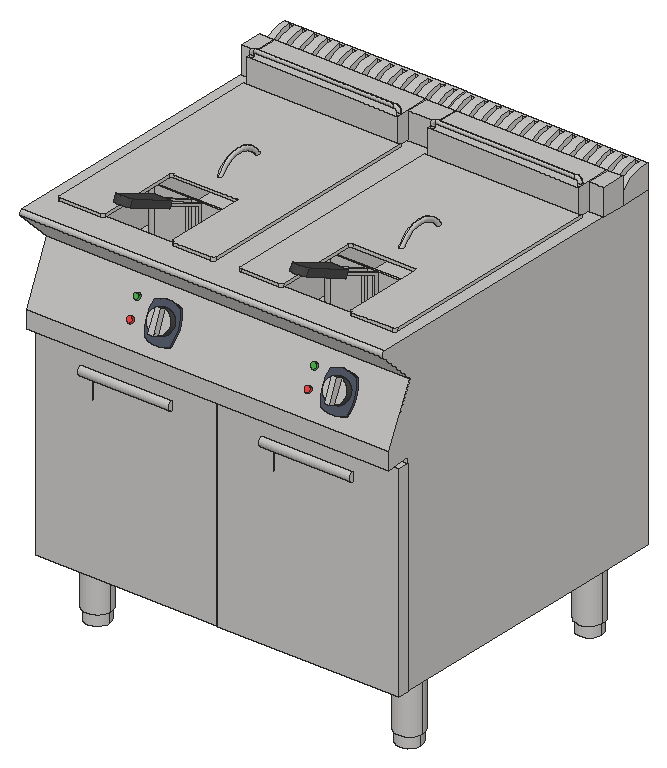
Revit family "QF_ELECTROLUXPROFESSIONAL_371085_E7FREH2FF0", category Specialty Equipment, Revit 2018 (continued)
Automatic sketch dimensions
  plane 3 "LEFT" to Revolve 54 sketch curve = 56 mm
  Revolve 54 sketch curve to Revolve 54 sketch curve = 0 mm
  plane 3 "LEFT" to Revolve 54 sketch curve = 29.75 mm
  plane 3 "LEFT" to Revolve 54 sketch curve = 26 mm
  Revolve 55 sketch curve to level = 0 mm
  Revolve 55 sketch curve to plane 14 = 0 mm  (x2)
  level to Revolve 55 sketch curve = 25 mm
  Revolve 55 sketch curve to Revolve 55 sketch curve = 20 mm
  plane 3 "LEFT" to Revolve 55 sketch curve = 56 mm
  Revolve 55 sketch curve to Revolve 55 sketch curve = 0 mm
  plane 3 "LEFT" to Revolve 55 sketch curve = 29.75 mm
  plane 3 "LEFT" to Revolve 55 sketch curve = 26 mm
  plane 3 "LEFT" to curve 170 = 13.453 mm
  curve 170 to curve 170 = 9.296 mm
  curve 170 to curve 172 = 18.547 mm
  curve 172 to curve 172 = 9.296 mm
  curve 172 to curve 173 = 18.547 mm
  curve 173 to curve 173 = 9.296 mm
  curve 173 to curve 174 = 18.547 mm
  curve 174 to curve 174 = 9.296 mm
  curve 174 to curve 175 = 18.547 mm
  curve 175 to curve 175 = 9.296 mm
  curve 175 to curve 176 = 18.547 mm
  curve 176 to curve 176 = 9.296 mm
  curve 176 to curve 177 = 18.547 mm
  curve 177 to curve 177 = 9.296 mm
  curve 177 to curve 178 = 18.547 mm
  curve 178 to curve 178 = 9.296 mm
  curve 178 to curve 179 = 18.547 mm
  curve 179 to curve 179 = 9.296 mm
  curve 179 to curve 180 = 18.547 mm
  curve 180 to curve 180 = 9.296 mm
  curve 180 to curve 181 = 18.547 mm
  curve 181 to curve 181 = 9.296 mm
  curve 181 to curve 182 = 18.547 mm
  curve 182 to curve 182 = 9.296 mm
  curve 182 to curve 183 = 18.547 mm
  curve 183 to curve 183 = 9.296 mm
  curve 183 to curve 171 = 18.547 mm
  curve 171 to curve 171 = 9.296 mm
  plane 7 "Center Y" to curve 185 = 15.351 mm
  curve 185 to curve 185 = 9.296 mm
  curve 185 to curve 197 = 18.547 mm
  curve 197 to curve 197 = 9.296 mm
  curve 197 to curve 196 = 18.547 mm
  curve 196 to curve 196 = 9.296 mm
  curve 196 to curve 195 = 18.547 mm
  curve 195 to curve 195 = 9.296 mm
  curve 195 to curve 194 = 18.547 mm
  curve 194 to curve 194 = 9.296 mm
  curve 194 to curve 193 = 18.547 mm
  curve 193 to curve 193 = 9.296 mm
  curve 193 to curve 192 = 18.547 mm
  curve 192 to curve 192 = 9.296 mm
  curve 192 to curve 191 = 18.547 mm
  curve 191 to curve 191 = 9.296 mm
  curve 191 to curve 190 = 18.547 mm
  curve 190 to curve 190 = 9.296 mm
  curve 190 to curve 189 = 18.547 mm
  curve 189 to curve 189 = 9.296 mm
  curve 189 to curve 188 = 18.547 mm
  curve 188 to curve 188 = 9.296 mm
  curve 188 to curve 187 = 18.547 mm
  curve 187 to curve 187 = 9.296 mm
  curve 187 to curve 186 = 18.547 mm
  curve 186 to curve 186 = 9.296 mm
  curve 186 to curve 184 = 18.547 mm
  curve 184 to curve 184 = 9.296 mm
  plane 1 "BACK" to curve 170 = 63.911 mm
  plane 1 "BACK" to curve 171 = 63.911 mm
  curve 170 to curve 172 = 0 mm
  curve 172 to curve 173 = 0 mm
  curve 173 to curve 174 = 0 mm
  curve 174 to curve 175 = 0 mm
  curve 175 to curve 176 = 0 mm
  curve 176 to curve 177 = 0 mm
  curve 177 to curve 178 = 0 mm
  curve 178 to curve 179 = 0 mm
  curve 179 to curve 180 = 0 mm
  curve 180 to curve 181 = 0 mm
  curve 181 to curve 182 = 0 mm
  curve 182 to curve 183 = 0 mm
  plane 1 "BACK" to curve 184 = 63.911 mm
  curve 171 to curve 185 = 0 mm
  curve 186 to curve 184 = 0 mm
  curve 187 to curve 186 = 0 mm
  curve 188 to curve 187 = 0 mm
  curve 189 to curve 188 = 0 mm
  curve 190 to curve 189 = 0 mm
  curve 191 to curve 190 = 0 mm
  curve 192 to curve 191 = 0 mm
  curve 193 to curve 192 = 0 mm
  curve 194 to curve 193 = 0 mm
  curve 195 to curve 194 = 0 mm
  curve 196 to curve 195 = 0 mm
  curve 197 to curve 196 = 0 mm
  Extrusion 2 sketch curve to plane 10 "TOP A" = 0 mm
  Extrusion 2 sketch curve to plane 1 "BACK" = 0 mm
  Extrusion 2 sketch curve to plane 6 "TOP" = 0 mm
  plane 1 "BACK" to Extrusion 2 sketch curve = 1.769 mm
  plane 10 "TOP A" to Extrusion 2 sketch curve = 25.4 mm
  plane 1 "BACK" to Extrusion 2 sketch curve = 69.85 mm
  plane 12 to Extrusion 3 sketch curve = 0.124 mm  (x2)
  Extrusion 3 sketch curve to plane 4 "RIGHT" = 33.338 mm
  plane 7 "Center Y" to Extrusion 3 sketch curve = 26.988 mm
  Extrusion 3 sketch curve to plane 7 "Center Y" = 26.988 mm
  plane 3 "LEFT" to Extrusion 3 sketch curve = 33.338 mm
  plane 11 to Extrusion 3 sketch curve = 57.877 mm
  Extrusion 3 sketch curve to Extrusion 3 sketch curve = 0 mm
  Extrusion 5 sketch curve to Extrusion 1 = 31.333 mm  (x4)
  Extrusion 5 sketch curve to Extrusion 5 sketch curve = 12.3 mm  (x6)
  Extrusion 5 sketch curve to Extrusion 5 sketch curve = 34.925 mm  (x4)
  Extrusion 1 to Extrusion 5 sketch curve = 44.467 mm  (x2)
  Extrusion 1 to Extrusion 5 sketch curve = 76.335 mm
  Extrusion 5 sketch curve to Extrusion 5 sketch curve = 25.727 mm  (x4)
  Extrusion 5 sketch curve to Extrusion 5 sketch curve = 28.575 mm  (x2)
  Extrusion 5 sketch curve to Extrusion 5 sketch curve = 280.219 mm
  Extrusion 6 sketch curve to Extrusion 6 sketch curve = 0 mm
  Extrusion 6 sketch curve to Extrusion 6 sketch curve = 388.937 mm
  Extrusion 7 sketch curve to Extrusion 7 sketch curve = 24.732 mm  (x2)
  Extrusion 7 sketch curve to Extrusion 7 sketch curve = 0 mm  (x2)
  Extrusion 1 to Extrusion 8 sketch curve = 39.678 mm  (x2)
  Extrusion 1 to Extrusion 8 sketch curve = 194.515 mm
  Extrusion 1 to Extrusion 8 sketch curve = 213.473 mm
  Extrusion 9 sketch curve to Extrusion 1 = 50.809 mm  (x2)
  Extrusion 1 to Extrusion 9 sketch curve = 194.515 mm
  Extrusion 1 to Extrusion 9 sketch curve = 213.473 mm
  plane 1 "BACK" to Extrusion 10 sketch curve = 0 mm
  Extrusion 10 sketch curve to plane 3 "LEFT" = 0 mm
  Extrusion 10 sketch curve to plane 4 "RIGHT" = 0 mm
  Extrusion 10 sketch curve to plane 3 "LEFT" = 150.019 mm
  plane 5 "FRONT" to Extrusion 10 sketch curve = 1.377 mm  (x2)
  plane 4 "RIGHT" to Extrusion 10 sketch curve = 150.019 mm
  Extrusion 10 sketch curve to plane 1 "BACK" = 150.019 mm
  curve 168 to plane 4 "RIGHT" = 0 mm
  curve 7 to plane 4 "RIGHT" = 0 mm
  plane 5 "FRONT" to curve 169 = 0 mm
  plane 1 "BACK" to curve 163 = 0 mm
  curve 6 to plane 3 "LEFT" = 0 mm
  curve 166 to plane 3 "LEFT" = 0 mm
  plane 4 "RIGHT" to curve 3 = 150.019 mm
  curve 122 to curve 121 = 9.296 mm
  curve 56 to plane 4 "RIGHT" = 26.987 mm
  curve 44 to curve 44 = 6.35 mm
  curve 43 to curve 78 = 10.61 mm
  plane 1 "BACK" to curve 129 = 6.761 mm
  curve 121 to curve 129 = 18.547 mm
  curve 128 to curve 127 = 9.296 mm
  curve 127 to curve 131 = 18.547 mm
  curve 169 to plane 4 "RIGHT" = 74.24 mm
  curve 131 to curve 132 = 9.296 mm
  curve 130 to curve 134 = 18.547 mm
  curve 169 to curve 46 = 47.997 mm
  curve 48 to plane 4 "RIGHT" = 128.587 mm
  curve 47 to curve 48 = 6.35 mm
  plane 1 "BACK" to curve 140 = 6.761 mm
  curve 136 to curve 140 = 18.547 mm
  curve 140 to curve 139 = 9.296 mm
  curve 47 to curve 67 = 54.879 mm
  curve 60 to curve 67 = 0 mm
  curve 60 to curve 67 = 3.442 mm
  curve 143 to curve 142 = 9.296 mm
  curve 58 to curve 64 = 4.079 mm
  curve 48 to curve 68 = 60.633 mm
  curve 64 to curve 63 = 5.857 mm
  curve 68 to curve 70 = 4.449 mm
  curve 67 to curve 60 = 18.617 mm
  curve 67 to curve 60 = 0 mm
  curve 63 to curve 66 = 17.363 mm
  curve 146 to curve 147 = 9.296 mm
  curve 66 to curve 65 = 5.857 mm
  curve 61 to curve 62 = 37.235 mm
  plane 1 "BACK" to curve 150 = 6.761 mm
  curve 145 to curve 150 = 18.547 mm
  curve 149 to curve 148 = 9.296 mm
  curve 65 to curve 50 = 51.399 mm
  curve 152 to curve 151 = 9.296 mm
  curve 62 to curve 62 = 53.67 mm
  curve 51 to curve 53 = 6.35 mm
  plane 1 "BACK" to curve 156 = 6.761 mm
  curve 151 to curve 156 = 18.547 mm
  curve 155 to curve 156 = 9.296 mm
  curve 158 to curve 159 = 9.296 mm
  plane 7 "Center Y" to curve 169 = 54.971 mm
  curve 157 to curve 161 = 18.547 mm
  curve 161 to curve 160 = 9.296 mm
  plane 7 "Center Y" to curve 53 = 33.338 mm
  plane 7 "Center Y" to curve 79 = 37.641 mm
  curve 54 to curve 54 = 6.35 mm
  curve 160 to curve 125 = 18.547 mm
  curve 125 to curve 124 = 9.296 mm
  plane 7 "Center Y" to curve 168 = 3.9 mm
  plane 7 "Center Y" to curve 163 = 1.588 mm
  curve 164 to plane 7 "Center Y" = 1.587 mm
  curve 166 to plane 7 "Center Y" = 3.9 mm
  plane 1 "BACK" to curve 82 = 6.761 mm
  curve 164 to curve 82 = 13.764 mm
  curve 24 to plane 7 "Center Y" = 26.988 mm
  curve 23 to curve 77 = 10.653 mm
  curve 22 to curve 22 = 6.35 mm
  curve 83 to curve 118 = 18.547 mm
  curve 118 to curve 120 = 9.296 mm
  curve 167 to plane 7 "Center Y" = 54.971 mm
  curve 116 to curve 112 = 18.547 mm
  curve 112 to curve 113 = 9.296 mm
  curve 22 to curve 20 = 82.55 mm
  curve 18 to plane 7 "Center Y" = 122.238 mm
  plane 1 "BACK" to curve 109 = 6.761 mm
  curve 113 to curve 109 = 18.547 mm
  curve 18 to curve 17 = 6.35 mm
  curve 109 to curve 110 = 9.296 mm
  plane 1 "BACK" to curve 108 = 6.761 mm
  curve 110 to curve 108 = 18.547 mm
  curve 106 to curve 107 = 9.296 mm
  curve 27 to plane 11 = 5.711 mm
  curve 19 to curve 27 = 53.67 mm
  curve 26 to curve 34 = 4.079 mm
  curve 107 to curve 103 = 18.547 mm
  curve 34 to curve 35 = 5.857 mm
  curve 103 to curve 104 = 9.296 mm
  curve 36 to curve 36 = 18.617 mm
  curve 29 to curve 36 = 0 mm
  plane 8 "Center X" to curve 38 = 38.031 mm
  curve 18 to curve 38 = 66.994 mm
  curve 40 to curve 40 = 4.449 mm
  curve 35 to curve 32 = 17.363 mm
  curve 32 to curve 33 = 5.857 mm
  plane 1 "BACK" to curve 102 = 6.761 mm
  curve 104 to curve 102 = 18.547 mm
  curve 33 to curve 28 = 4.079 mm
  curve 36 to curve 36 = 3.442 mm
  curve 36 to curve 29 = 3.442 mm
  curve 100 to curve 101 = 9.296 mm
  curve 101 to curve 97 = 18.547 mm
  curve 97 to curve 99 = 9.296 mm
  curve 33 to curve 17 = 56.049 mm
  plane 1 "BACK" to curve 94 = 6.761 mm
  curve 98 to curve 94 = 18.547 mm
  curve 16 to curve 15 = 6.35 mm
  curve 94 to curve 95 = 9.296 mm
  curve 15 to curve 14 = 6.35 mm
  curve 95 to curve 91 = 18.547 mm
  plane 1 "BACK" to curve 88 = 6.761 mm
  curve 92 to curve 88 = 18.547 mm
  curve 167 to curve 5 = 74.24 mm
  curve 88 to curve 90 = 9.296 mm
  plane 3 "LEFT" to curve 75 = 37.598 mm
  plane 3 "LEFT" to curve 12 = 33.338 mm
  curve 75 to curve 11 = 10.61 mm
  curve 8 to curve 9 = 9.296 mm
  plane 5 "FRONT" to curve 1 = 1.377 mm
  curve 1 to plane 3 "LEFT" = 150.019 mm
  curve 1 to plane 1 "BACK" = 150.019 mm
  plane 1 "BACK" to curve 162 = 6.761 mm
  plane 1 "BACK" to curve 98 = 6.761 mm
  plane 1 "BACK" to curve 8 = 6.761 mm
  plane 1 "BACK" to curve 93 = 6.761 mm
  plane 1 "BACK" to curve 159 = 6.761 mm
  plane 1 "BACK" to curve 87 = 6.761 mm
  plane 1 "BACK" to curve 153 = 6.761 mm
  plane 1 "BACK" to curve 147 = 6.761 mm
  plane 1 "BACK" to curve 103 = 6.761 mm
  plane 1 "BACK" to curve 144 = 6.761 mm
  plane 1 "BACK" to curve 138 = 6.761 mm
  plane 1 "BACK" to curve 112 = 6.761 mm
  plane 1 "BACK" to curve 135 = 6.761 mm
  plane 1 "BACK" to curve 115 = 6.761 mm
  plane 1 "BACK" to curve 132 = 6.761 mm
  plane 1 "BACK" to curve 118 = 6.761 mm
  plane 1 "BACK" to curve 121 = 6.761 mm
  plane 1 "BACK" to curve 126 = 6.761 mm
  curve 125 to curve 125 = 57.15 mm
  curve 127 to curve 121 = 0 mm
  curve 130 to curve 127 = 0 mm
  curve 133 to curve 130 = 0 mm
  curve 136 to curve 133 = 0 mm
  curve 139 to curve 136 = 0 mm
  curve 142 to curve 139 = 0 mm
  curve 145 to curve 142 = 0 mm
  curve 118 to curve 82 = 0 mm
  curve 148 to curve 145 = 0 mm
  curve 8 to curve 85 = 0 mm
  curve 151 to curve 148 = 0 mm
  curve 85 to curve 88 = 0 mm
  curve 154 to curve 151 = 0 mm
  curve 88 to curve 91 = 0 mm
  curve 157 to curve 154 = 0 mm
  curve 94 to curve 98 = 0 mm
  curve 125 to curve 160 = 0 mm
  curve 82 to curve 164 = 5.939 mm
  curve 25 to curve 165 = 0 mm
  curve 125 to curve 78 = 71.504 mm
  curve 83 to curve 77 = 71.504 mm
  curve 74 to curve 75 = 7.655 mm
  curve 78 to curve 79 = 7.655 mm
  curve 79 to curve 56 = 4.692 mm
  curve 75 to curve 11 = 4.692 mm
  plane 8 "Center X" to curve 71 = 38.031 mm
  curve 37 to plane 8 "Center X" = 63.432 mm
  curve 70 to plane 8 "Center X" = 63.432 mm
  curve 69 to curve 50 = 46.229 mm
  curve 37 to curve 16 = 46.229 mm
  curve 50 to curve 72 = 22.324 mm
  curve 16 to curve 41 = 22.324 mm
  curve 72 to curve 73 = 3.175 mm
  curve 41 to curve 42 = 3.175 mm
  curve 66 to plane 11 = 5.711 mm
  plane 11 to curve 55 = 57.877 mm
  plane 11 to curve 19 = 57.877 mm
  plane 11 to curve 43 = 57.877 mm
  plane 11 to curve 15 = 57.877 mm
  curve 11 to curve 166 = 31.626 mm
  curve 43 to curve 168 = 31.626 mm
  curve 30 to curve 36 = 33.188 mm
  curve 61 to curve 67 = 33.188 mm
  curve 67 to curve 60 = 6.713 mm
  curve 36 to curve 29 = 6.713 mm  (x2)
  curve 29 to curve 36 = 4.011 mm
  curve 60 to curve 67 = 4.011 mm
  curve 67 to curve 59 = 6.713 mm
  plane 5 "FRONT" to curve 3 = 1.377 mm
  Extrusion 11 sketch curve to plane 4 "RIGHT" = 26.988 mm
  Extrusion 11 sketch curve to Extrusion 11 sketch curve = 6.35 mm  (x8)
  Extrusion 11 sketch curve to Extrusion 11 sketch curve = 88.9 mm
  Extrusion 11 sketch curve to plane 4 "RIGHT" = 128.588 mm
  plane 7 "Center Y" to Extrusion 11 sketch curve = 128.588 mm
  plane 11 to Extrusion 11 sketch curve = 57.877 mm  (x4)
  plane 7 "Center Y" to Extrusion 11 sketch curve = 122.238 mm
  plane 7 "Center Y" to Extrusion 11 sketch curve = 33.338 mm
  Extrusion 11 sketch curve to plane 7 "Center Y" = 26.988 mm
  Extrusion 11 sketch curve to Extrusion 11 sketch curve = 82.55 mm
  plane 3 "LEFT" to Extrusion 11 sketch curve = 134.938 mm
  plane 3 "LEFT" to Extrusion 11 sketch curve = 128.588 mm
  plane 3 "LEFT" to Extrusion 11 sketch curve = 33.338 mm
  plane 3 "LEFT" to Extrusion 11 sketch curve = 26.988 mm
  Extrusion 11 sketch curve to plane 8 "Center X" = 116.012 mm  (x2)
  plane 12 to Extrusion 11 sketch curve = 0.124 mm  (x2)
  Extrusion 18 sketch curve to Extrusion 18 sketch curve = 0 mm  (x16)
  Extrusion 18 sketch curve to plane 4 "RIGHT" = 91.225 mm
  Extrusion 18 sketch curve to Extrusion 18 sketch curve = 3.175 mm  (x2)
  Extrusion 18 sketch curve to Extrusion 18 sketch curve = 22.225 mm  (x6)
  plane 7 "Center Y" to Extrusion 18 sketch curve = 105.625 mm  (x2)
  plane 12 to Extrusion 18 sketch curve = 44.673 mm
  Extrusion 18 sketch curve to plane 7 "Center Y" = 80.225 mm
  plane 3 "LEFT" to Extrusion 18 sketch curve = 116.625 mm  (x2)
  plane 12 to Extrusion 18 sketch curve = 41.498 mm
  Extrusion 18 sketch curve to plane 8 "Center X" = 116.11 mm  (x2)
  Extrusion 34 sketch curve to plane 1 "BACK" = 6.761 mm
  plane 4 "RIGHT" to Extrusion 34 sketch curve = 22.749 mm
  Extrusion 34 sketch curve to Extrusion 34 sketch curve = 9.296 mm
  Extrusion 34 sketch curve to Extrusion 34 sketch curve = 57.15 mm
  Extrusion 36 sketch curve to plane 1 "BACK" = 6.761 mm
  plane 4 "RIGHT" to Extrusion 36 sketch curve = 50.591 mm
  Extrusion 36 sketch curve to Extrusion 36 sketch curve = 9.296 mm
  Extrusion 36 sketch curve to Extrusion 36 sketch curve = 57.15 mm
  Extrusion 37 sketch curve to plane 1 "BACK" = 6.761 mm
  plane 4 "RIGHT" to Extrusion 37 sketch curve = 78.433 mm
  Extrusion 37 sketch curve to Extrusion 37 sketch curve = 9.296 mm
  Extrusion 37 sketch curve to Extrusion 37 sketch curve = 57.15 mm
  Extrusion 38 sketch curve to plane 1 "BACK" = 6.761 mm
  plane 4 "RIGHT" to Extrusion 38 sketch curve = 106.275 mm
  Extrusion 38 sketch curve to Extrusion 38 sketch curve = 9.296 mm
  Extrusion 38 sketch curve to Extrusion 38 sketch curve = 57.15 mm
  Extrusion 39 sketch curve to plane 1 "BACK" = 6.761 mm
  plane 4 "RIGHT" to Extrusion 39 sketch curve = 134.118 mm
  Extrusion 39 sketch curve to Extrusion 39 sketch curve = 9.296 mm
  Extrusion 39 sketch curve to Extrusion 39 sketch curve = 57.15 mm
  Extrusion 40 sketch curve to plane 1 "BACK" = 6.761 mm
  plane 4 "RIGHT" to Extrusion 40 sketch curve = 161.96 mm
  Extrusion 40 sketch curve to Extrusion 40 sketch curve = 9.296 mm
  Extrusion 40 sketch curve to Extrusion 40 sketch curve = 57.15 mm
  Extrusion 41 sketch curve to plane 1 "BACK" = 6.761 mm
  plane 4 "RIGHT" to Extrusion 41 sketch curve = 189.802 mm
  Extrusion 41 sketch curve to Extrusion 41 sketch curve = 9.296 mm
  Extrusion 41 sketch curve to Extrusion 41 sketch curve = 57.15 mm
  Extrusion 49 sketch curve to Extrusion 1 = 0 mm
  Extrusion 1 to Extrusion 49 sketch curve = 12.7 mm
  Extrusion 1 to Extrusion 49 sketch curve = 398.463 mm
  Extrusion 49 sketch curve to Extrusion 49 sketch curve = 3.175 mm
  Revolve 56 sketch curve to level = 0 mm
  Revolve 56 sketch curve to plane 14 = 0 mm  (x2)
  level to Revolve 56 sketch curve = 25 mm
  Revolve 56 sketch curve to Revolve 56 sketch curve = 20 mm
  Revolve 56 sketch curve to plane 4 "RIGHT" = 26 mm
  Revolve 56 sketch curve to Revolve 56 sketch curve = 3.75 mm
  Revolve 56 sketch curve to Revolve 56 sketch curve = 30 mm
  Revolve 56 sketch curve to Revolve 56 sketch curve = 0 mm
  Revolve 57 sketch curve to level = 0 mm
  Revolve 57 sketch curve to plane 14 = 0 mm  (x2)
  level to Revolve 57 sketch curve = 25 mm
  Revolve 57 sketch curve to Revolve 57 sketch curve = 20 mm
  Revolve 57 sketch curve to plane 4 "RIGHT" = 26 mm
  Revolve 57 sketch curve to Revolve 57 sketch curve = 3.75 mm
  Revolve 57 sketch curve to Revolve 57 sketch curve = 30 mm
  Revolve 57 sketch curve to Revolve 57 sketch curve = 0 mm
  Extrusion 58 sketch curve to plane 4 "RIGHT" = 0 mm
  Extrusion 58 sketch curve to plane 3 "LEFT" = 0 mm
  plane 7 "Center Y" to Extrusion 58 sketch curve = 1.588 mm
  Extrusion 58 sketch curve to plane 7 "Center Y" = 1.588 mm
  Extrusion 58 sketch curve to plane 5 "FRONT" = 42.863 mm  (x2)
  Extrusion 59 sketch curve to plane 4 "RIGHT" = 56 mm
  Extrusion 59 sketch curve to plane 11 = 92.884 mm
  plane 3 "LEFT" to Sweep 60 sketch curve = 39.688 mm
  Sweep 60 sketch curve to Sweep 60 sketch curve = 6.35 mm  (x2)
  Sweep 60 sketch curve to plane 7 "Center Y" = 46.081 mm
  level to Sweep 60 sketch curve = 908.975 mm  (x2)
  Sweep 60 sketch curve to Sweep 60 sketch curve = 4.85 mm
  Sweep 60 sketch curve to profile plane = 2.09 mm
  profile plane to Sweep 60 sketch curve = 140.754 mm
  Sweep 63 sketch curve to plane 4 "RIGHT" = 39.688 mm
  Sweep 63 sketch curve to Sweep 63 sketch curve = 6.35 mm  (x2)
  plane 7 "Center Y" to Sweep 63 sketch curve = 46.081 mm
  level to Sweep 63 sketch curve = 920.175 mm
  Sweep 63 sketch curve to Sweep 63 sketch curve = 4.85 mm  (x2)
  profile plane to Sweep 63 sketch curve = 2.09 mm
  profile plane to Sweep 63 sketch curve = 140.754 mm
  Extrusion 61 sketch curve to plane 4 "RIGHT" = 0 mm
  Extrusion 61 sketch curve to plane 3 "LEFT" = 0 mm
  Extrusion 61 sketch curve to Extrusion 61 sketch curve = 31.75 mm  (x2)
  plane 7 "Center Y" to Extrusion 61 sketch curve = 31.75 mm
  Extrusion 61 sketch curve to plane 7 "Center Y" = 31.75 mm
  plane 1 "BACK" to Extrusion 61 sketch curve = 69.85 mm  (x3)
  Extrusion 61 sketch curve to plane 12 = 26.988 mm  (x3)
  plane 12 to Extrusion 62 sketch curve = 0.124 mm  (x2)
  Extrusion 62 sketch curve to plane 4 "RIGHT" = 33.338 mm
  plane 7 "Center Y" to Extrusion 62 sketch curve = 33.338 mm
  Extrusion 62 sketch curve to plane 7 "Center Y" = 33.338 mm
  plane 3 "LEFT" to Extrusion 62 sketch curve = 33.338 mm
  plane 1 "BACK" to Extrusion 62 sketch curve = 69.85 mm
  Extrusion 62 sketch curve to Extrusion 62 sketch curve = 0 mm
  curve 74 to curve 198 = 5.848 mm
  curve 198 to plane 12 = 26.988 mm
  curve 75 to curve 200 = 4.26 mm
  curve 23 to curve 201 = 6.35 mm
  curve 78 to curve 203 = 5.891 mm
  curve 202 to curve 74 = 5.891 mm
  curve 204 to curve 74 = 14.764 mm
  curve 125 to curve 203 = 5.939 mm
  curve 205 to curve 203 = 1.588 mm
  curve 206 to curve 80 = 4.26 mm
  curve 207 to curve 78 = 5.848 mm
  curve 207 to plane 12 = 26.988 mm
  curve 123 to plane 4 "RIGHT" = 13.453 mm
  curve 134 to curve 133 = 9.296 mm
  curve 133 to curve 138 = 18.547 mm
  curve 137 to curve 136 = 9.296 mm
  curve 139 to curve 143 = 18.547 mm
  curve 142 to curve 146 = 18.547 mm
  curve 148 to curve 152 = 18.547 mm
  curve 154 to curve 159 = 18.547 mm
  curve 82 to curve 83 = 9.296 mm
  curve 119 to curve 115 = 18.547 mm
  curve 115 to curve 116 = 9.296 mm
  curve 91 to curve 93 = 9.296 mm
  curve 89 to curve 87 = 18.547 mm
  curve 85 to curve 86 = 9.296 mm
  curve 199 to curve 8 = 9.001 mm
  curve 109 to curve 109 = 57.15 mm
  curve 109 to curve 112 = 0 mm
  curve 113 to curve 112 = 0 mm
  curve 115 to curve 118 = 0 mm
  curve 116 to curve 115 = 0 mm
  curve 107 to curve 109 = 0 mm
  curve 107 to curve 106 = 0 mm
  curve 119 to curve 118 = 0 mm
  curve 121 to curve 208 = 5.939 mm
  curve 121 to curve 122 = 0 mm
  curve 104 to curve 107 = 0 mm
  curve 104 to curve 103 = 0 mm
  curve 124 to curve 125 = 0 mm
  curve 127 to curve 128 = 0 mm
  curve 101 to curve 104 = 0 mm
  curve 101 to curve 100 = 0 mm
  curve 130 to curve 131 = 0 mm
  curve 133 to curve 134 = 0 mm
  curve 98 to curve 101 = 0 mm
  curve 98 to curve 97 = 0 mm
  curve 136 to curve 137 = 0 mm
  curve 139 to curve 140 = 0 mm
  curve 95 to curve 94 = 0 mm
  curve 142 to curve 143 = 0 mm
  curve 145 to curve 146 = 0 mm
  curve 92 to curve 95 = 0 mm
  curve 92 to curve 91 = 0 mm
  curve 148 to curve 149 = 0 mm
  curve 151 to curve 152 = 0 mm
  curve 89 to curve 88 = 0 mm
  curve 154 to curve 155 = 0 mm
  curve 157 to curve 158 = 0 mm
  curve 86 to curve 85 = 0 mm
  curve 9 to curve 8 = 0 mm
  curve 160 to curve 161 = 0 mm
  curve 83 to curve 204 = 5.939 mm
  curve 110 to curve 109 = 0 mm
  radius of Sweep 15 sketch curve = 4.353 mm
  radius of Sweep 16 sketch curve = 4.353 mm
  radius of Extrusion 6 sketch curve = 25.4 mm  (x2)
  radius of Extrusion 7 sketch curve to Extrusion 6 = 0 mm  (x4)
  radius of Extrusion 8 sketch curve = 6.35 mm  (x2)
  radius of Extrusion 9 sketch curve = 6.35 mm  (x2)
  radius of Extrusion 59 sketch curve = 12.7 mm
  radius of Sweep 60 sketch curve = 3.827 mm
  radius of Sweep 63 sketch curve = 3.827 mm
Connectors
  electrical at (744, -505, 588.3), driven by "Volts", driven by "Watts"
    settings: on Extrusion 59, index 1, voltage 400 V, apparent load 17400 VA, apparent load phase1 0 VA, apparent load phase2 0 VA, apparent load phase3 0 VA, power factor 1, load classification "Other", number of poles 1, system type 30, power factor state 1, is connector primary yes, connector utility no, sub classification motor no, connector description "Electrical Connection"
